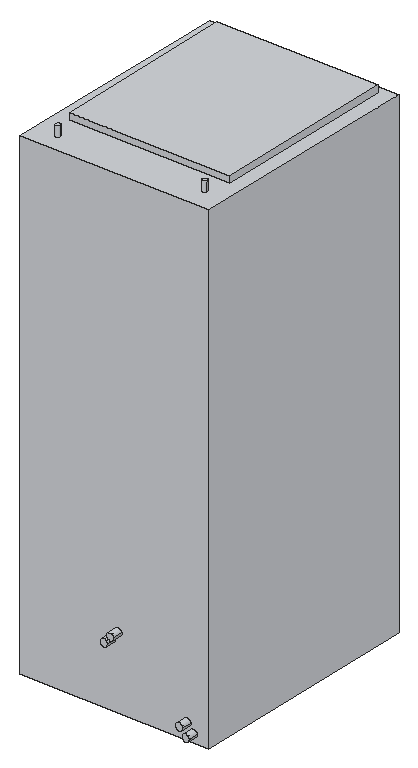
Revit family "M-Blower Coil Unit_Magicaire DUC Series", category Mechanical Equipment, Revit 2018
Family settings
  Round Connector Dimension = Use Diameter
  Part Type = Normal
  OmniClass Number = 23.75.00.00
  OmniClass Title = Climate Control (HVAC)
  Work Plane-Based = No
  Always vertical = Yes
  Cut with Voids When Loaded = No
  Shared = No
  Room Calculation Point = No
Parameters (values of type "DUC12")
  Weight = "190"
  Voltage [instance] = 208 V
  V-PH = "208-1"
  Specification - UFGS Number [instance] = ""
  Specification - Spec Link Number [instance] = "23 82 00"  # constant formula
  Specification - Master Spec Number [instance] = ""
  Service [instance] = ""
  Phase [instance] = 1
  Overall Width [instance] = 1' - 8"
  Overall Length [instance] = 2' - 1"
  Overall Height = 4' - 3 3/4"
  Notes [instance] = ""
  Manufacturer Series Number = "DUC"  # constant formula
  Manufacturer Model Number = "DUC12"
  MOP = "15"
  MCA = "2.8"
  Location [instance] = ""
  K (Duct Collar Offset) = 0' - 4 161/256"
  HW Coil - WPD = "0.5"
  HW Coil - Pipe In = "1/2"
  HW Coil - MBH = 28.0 Btu/h
  HW Coil - LAT = "98"
  HW Coil - GPM = 1.5 GPM
  HW Coil - EAT = "70"
  Frequency [instance] = 60 Hz
  Filter Size = "1"
  Design Supply Fan Horsepower [instance] = 372.85 VA
  Design Supply External Static Pressure [instance] = 0.50 in-wg
  Design Supply Air Flow [instance] = 1040 CFM
  Design Minimum Supply Airflow [instance] = 0 CFM
  Design Minimum Circuit Amps (MCA) = 2.8 A
  Design Maximum Weight [instance] = 145.00 lbf
  Design Maximum Supply Airflow [instance] = 1040 CFM
  Design Maximum Overcurrent Protection (MOCP) = 15 A
  Design Heating Water Pressure Drop [instance] = 0.217 psi
  Design Heating Water Flow [instance] = 1.5 GPM
  Design Heating Total Capacity [instance] = 23000.0 Btu/h
  Design Heating Leaving Water Temperature [instance] = 109 °F
  Design Heating Leaving Air DB Temperature [instance] = 91 °F
  Design Heating Entering Water Temperature [instance] = 140 °F
  Design Heating Entering Air DB Temperature [instance] = 70 °F
  Design Heating Airflow [instance] = 0 CFM
  Design Cooling Water Pressure Drop [instance] = 0.302 psi
  Design Cooling Water Flow [instance] = 3 GPM
  Design Cooling Total Capacity [instance] = 22000.0 Btu/h
  Design Cooling Sensible Capacity [instance] = 17500.0 Btu/h
  Design Cooling Leaving Water Temperature [instance] = 56 °F
  Design Cooling Leaving Air WB Temperature [instance] = 56 °F
  Design Cooling Leaving Air DB Temperature [instance] = 59 °F
  Design Cooling Entering Water Temperature [instance] = 42 °F
  Design Cooling Entering Air WB Temperature [instance] = 63 °F
  Design Cooling Entering Air DB Temperature [instance] = 75 °F
  Design Cooling Airflow [instance] = 0 CFM
  Connection Heating Inlet Pipe Diameter [instance] = 0"
  Connection Cooling Inlet Pipe Diameter [instance] = 0"
  CHW Coil - WPD = "0.7"
  CHW Coil - Total MBH = 21.0 Btu/h
  Supply Fan - HP = "1/2"
  Supply Fan - CFM = 1040 CFM
  Service_old = "VARIES"
  CHW Coil - Sensible MBH = 17.0 Btu/h
  Prime Cond Drain [instance] = yes
  N (BTM Return Width) = 1' - 4 79/256"
  Model = "DUC-10"
  Manufacturer = "MAGICAIRE"  # constant formula
  M (BTM Return Length) = 1' - 10 1/4"
  H (Supply Length) = 1' - 7 1/2"
  F (Supply Width) = 1' - 5"
  Supply Fan - Ext Static Pressure = 0.50 in-wg
  Elect = [A (Unit Width)] / 2  # 0' - 10"
  E Side = 0' - 8 3/4"
  E (Section Above Door) = 0' - 10 1/4"
  CHW Coil - Pipe In = "3/4"
  CHW Coil - LAT = "58/55"
  CHW Coil - EAT = "75/63"
  CHW Coil - GPM = 3 GPM
  CD 2 = 0' - 1.98698"
  CD 1 = 0' - 1.30599"
  D (TO Access Door) = 3' - 4 3/4"
  Circuit Breaker (Elec Heat Only) [instance] = no
  CHWS = 0' - 0.04281"
  CHWR = 0' - 0.0262"
  C+ (Supply above Unit Height) = ([C (Unit Height)] + 0' 1")  # 4' - 4"
  C (Unit Height) = 4' - 3"
  B (Unit Depth) = 2' - 1"
  A (Unit Width) = 1' - 8"
  2rw_Type [instance] = "12"
  2rw_Instance [instance] = ""
  2rw_Abbrv [instance] = "BC"  # constant formula
  2rw Mark = "BC-10-Room NO."
  2nd Cond Drain [instance] = not(Prime Cond Drain)  # no
Types (7): name | Weight | Overall Width | Overall Length | Overall Height | Manufacturer Model Number | MOP | MCA | HW Coil - WPD | HW Coil - Pipe In | HW Coil - MBH | HW Coil - LAT | HW Coil - GPM | Design Supply Fan Horsepower | Design Supply Air Flow | Design Minimum Circuit Amps (MCA) | Design Maximum Weight | Design Maximum Supply Airflow | Design Heating Water Pressure Drop | Design Heating Water Flow | Design Heating Total Capacity | Design Heating Leaving Water Temperature | Design Heating Leaving Air DB Temperature | Design Heating Entering Water Temperature | Design Cooling Water Pressure Drop | Design Cooling Water Flow | Design Cooling Total Capacity | Design Cooling Sensible Capacity | Design Cooling Leaving Water Temperature | Design Cooling Leaving Air WB Temperature | Design Cooling Leaving Air DB Temperature | CHW Coil - WPD | CHW Coil - Total MBH | Supply Fan - HP | Supply Fan - CFM | Service_old | CHW Coil - Sensible MBH | N (BTM Return Width) | Model | M (BTM Return Length) | H (Supply Length) | F (Supply Width) | Elect | E (Section Above Door) | CHW Coil - Pipe In | CHW Coil - LAT | CHW Coil - GPM | D (TO Access Door) | C+ (Supply above Unit Height) | C (Unit Height) | B (Unit Depth) | A (Unit Width) | 2rw_Type | 2rw Mark
  DUC06 | "180" | 1' - 5 1/2" | 1' - 10" | 3' - 10 3/4" | "DUC06" | "15" | "1.6" | "0.4" | "1/2" | 19.0 Btu/h | "103" | 1 GPM | 246.08 VA | 560 CFM | 1.6 A | 160.00 lbf | 560 CFM | 0.173 psi | 1 GPM | 15000.0 Btu/h | -459.67 °F | 95 °F | -459.67 °F | 0.432 psi | 1.5 GPM | 12000.0 Btu/h | 9670.0 Btu/h | 58 °F | 56 °F | 59 °F | "1" | 12.0 Btu/h | "70" | 560 CFM | "VERIES" | 10.0 Btu/h | 1' - 2 79/256" | "DUC-06" | 1' - 6 1/4" | 1' - 4 1/2" | 1' - 3" | 0' - 8 3/4" | 0' - 10 1/4" | "1/2" | "59/55" | 1.5 GPM | 2' - 11 3/4" | 3' - 11" | 3' - 10" | 1' - 10" | 1' - 5 1/2" | "06" | "BC-06/08-Room No."
  DUC10 | "190" | 1' - 8" | 2' - 1" | 4' - 3 3/4" | "DUC10" | "15" | "2.8" | "0.4" | "1/2" | 28.0 Btu/h | "98" | 1.5 GPM | 372.85 VA | 940 CFM | 2.8 A | 170.00 lbf | 940 CFM | 0.185 psi | 1.4 GPM | 22000.0 Btu/h | 109 °F | 92 °F | 140 °F | 0.303 psi | 3 GPM | 21000.0 Btu/h | 17000.0 Btu/h | 56 °F | 55 °F | 58 °F | "0.7" | 21.0 Btu/h | "1/2" | 940 CFM | "VARIES" | 17.0 Btu/h | 1' - 4 79/256" | "DUC-10" | 1' - 10 1/4" | 1' - 7 1/2" | 1' - 5" | 0' - 10" | 0' - 10 1/4" | "3/4" | "58/55" | 3 GPM | 3' - 4 3/4" | 4' - 4" | 4' - 3" | 2' - 1" | 1' - 8" | "10" | "BC-10-Room NO."
  DUC14 | "200" | 1' - 10" | 2' - 3" | 4' - 7 3/4" | "DUC14" | "15" | "4.5" | "0.6" | "3/4" | 47.0 Btu/h | "108" | 2.5 GPM | 559.27 VA | 1160 CFM | 4.5 A | 183.00 lbf | 1160 CFM | 0.26 psi | 2.5 GPM | 36000.0 Btu/h | 110 °F | 100 °F | 140 °F | 0.325 psi | 4 GPM | 24000.0 Btu/h | 20000.0 Btu/h | 55 °F | 56 °F | 59 °F | "0.75" | 24.0 Btu/h | "3/4" | 1160 CFM | "" | 20.0 Btu/h | 1' - 6 79/256" | 0' - 0" | 1' - 11 1/4" | 1' - 9 1/2" | 1' - 7" | 0' - 11" | 0' - 11 1/4" | "1" | "59/56" | 3.75 GPM | 3' - 7 3/4" | 4' - 8" | 4' - 7" | 2' - 3" | 1' - 10" | "14" | ""
  DUC20 | "240" | 2' - 7" | 2' - 0" | 4' - 9 3/4" | "DUC20" | "20" | "4.5" | "0.8" | "1" | 64.0 Btu/h | "107" | 3 GPM | 745.7 VA | 1650 CFM | 4.5 A | 220.00 lbf | 1650 CFM | 0.347 psi | 3 GPM | 50000.0 Btu/h | 110 °F | 100 °F | 140 °F | 0.477 psi | 4.5 GPM | 32000.0 Btu/h | 27000.0 Btu/h | 56 °F | 56 °F | 60 °F | "1.1" | 32.0 Btu/h | "1" | 1650 CFM | "" | 27.0 Btu/h | 1' - 6 79/256" | 0' - 0" | 2' - 4 1/4" | 2' - 1 1/2" | 1' - 9" | 1' - 0" | 0' - 11 1/4" | "1" | "59/56" | 4.5 GPM | 3' - 9 3/4" | 4' - 10" | 4' - 9" | 2' - 7" | 2' - 0" | "20" | ""
  DUC08 | "180" | 1' - 5 1/2" | 1' - 10" | 3' - 10 3/4" | "DUC08" | "15" | "1.6" | "0.4" | "1/2" | 19.0 Btu/h | "103" | 1 GPM | 246.08 VA | 560 CFM | 1.6 A | 160.00 lbf | 560 CFM | 0.173 psi | 1 GPM | 15000.0 Btu/h | 110 °F | 95 °F | 140 °F | 0.434 psi | 1.5 GPM | 12000.0 Btu/h | 9670.0 Btu/h | 58 °F | 56 °F | 59 °F | "1" | 12.0 Btu/h | "70" | 560 CFM | "VERIES" | 10.0 Btu/h | 1' - 2 79/256" | "DUC-06" | 1' - 6 1/4" | 1' - 4 1/2" | 1' - 3" | 0' - 8 3/4" | 0' - 10 1/4" | "1/2" | "59/55" | 1.5 GPM | 2' - 11 3/4" | 3' - 11" | 3' - 10" | 1' - 10" | 1' - 5 1/2" | "08" | "BC-06/08-Room No."
  DUC12 | "190" | 1' - 8" | 2' - 1" | 4' - 3 3/4" | "DUC12" | "15" | "2.8" | "0.5" | "1/2" | 28.0 Btu/h | "98" | 1.5 GPM | 372.85 VA | 1040 CFM | 2.8 A | 145.00 lbf | 1040 CFM | 0.217 psi | 1.5 GPM | 23000.0 Btu/h | 109 °F | 91 °F | 140 °F | 0.302 psi | 3 GPM | 22000.0 Btu/h | 17500.0 Btu/h | 56 °F | 56 °F | 59 °F | "0.7" | 21.0 Btu/h | "1/2" | 1040 CFM | "VARIES" | 17.0 Btu/h | 1' - 4 79/256" | "DUC-10" | 1' - 10 1/4" | 1' - 7 1/2" | 1' - 5" | 0' - 10" | 0' - 10 1/4" | "3/4" | "58/55" | 3 GPM | 3' - 4 3/4" | 4' - 4" | 4' - 3" | 2' - 1" | 1' - 8" | "12" | "BC-10-Room NO."
  DUC16 | "200" | 2' - 3" | 1' - 10" | 4' - 7 3/4" | "DUC16" | "15" | "4.5" | "0.7" | "3/4" | 47.0 Btu/h | "108" | 2.5 GPM | 559.27 VA | 1320 CFM | 4.5 A | 188.00 lbf | 1320 CFM | 0.303 psi | 2.5 GPM | 40000.0 Btu/h | 110 °F | 100 °F | 140 °F | 0.303 psi | 4 GPM | 24000.0 Btu/h | 21000.0 Btu/h | 55 °F | 57 °F | 90 °F | "0.7" | 24.0 Btu/h | "3/4" | 1320 CFM | "" | 20.0 Btu/h | 1' - 6 79/256" | 0' - 0" | 1' - 11 1/4" | 1' - 9 1/2" | 1' - 7" | 0' - 11" | 0' - 11 1/4" | "1" | "59/56" | 3.75 GPM | 3' - 7 3/4" | 4' - 8" | 4' - 7" | 2' - 3" | 1' - 10" | "16" | ""
Reference planes (in)
  plane 1 "Center (Front/Back)": y = 0
  plane 2 "BOunit": z = 0
  plane 3 "Center (Left/Right)": x = 0
  plane 4 "Front": y = -11
  plane 5 "Back": y = 14
  plane 6 "Right Side": x = 10
  plane 7 "Left Side": x = -10
  plane 8 "TOunit": z = 46
  plane 9: z = 35.75
  plane 10 "BTM Access Door": z = 16
  plane 11 "Supply": z = 52
Forms (in)
  Extrusion 1, solid
    sketch origin (0, 0, 0) x (1, 0, 0) y (0, 1, 0)
      loop
        line (-10, 14) -> (-10, -11) -> (10, -11) -> (10, 14) -> (-10, 14)
    from 0 to 51
  Extrusion 2, solid, visible <- "Circuit Breaker (Elec Heat Only)"
    sketch origin (0, 0, 0) x (1, 0, 0) y (0, 0, 1)
      loop
        line (-0.75, 41.87363) -> (-0.75, 40.37363) -> (0.75, 40.37363) -> (0.75, 41.87363) -> (-0.75, 41.87363)
    from 11 to 11.25
  Extrusion 3, solid
    sketch origin (0, 0, 0) x (1, 0, 0) y (0, 0, 1)
      loop
        circle (0.3488, 7.64352) r 0.375
      loop
        circle (-0.33219, 6.82176) r 0.375
    from 11 to 12
  Extrusion 4, void
    sketch origin (0, 4.245, 0.93359) x (0, 1, 0) y (0, 0, 1)
      loop
        line (-7.37, 16.5) -> (-7.37, 0.19141) -> (14.88, 0.19141) -> (14.88, 16.5) -> (-7.37, 16.5)
    from -8.75 to 8.75
  Extrusion 5, solid
    sketch origin (6.25, 13.25, 0) x (1, 0, 0) y (0, 1, 0)
      loop
        line (2.25, -0.12109) -> (-14.75, -0.12109) -> (-14.75, -19.62109) -> (2.25, -19.62109) -> (2.25, -0.12109)
    from 51 <- "C (Unit Height)" to 51.75
  Extrusion 6, solid
    sketch origin (1, 0, 0) x (1, 0, 0) y (0, 1, 0)
      loop
        circle (-8.64305, -8.93577) r 0.25
      loop
        circle (6.60695, -8.62327) r 0.25
    from 51 <- "C (Unit Height)" to 52 <- "C+ (Supply above Unit Height)"
  Extrusion 7, void
    sketch origin (0, -1.88, 0) x (1, 0, 0) y (0, 1, 0)
      loop
        line (-8.75, 13.13) -> (-8.75, -6.37) -> (7.55859, -6.37) -> (7.55859, 13.13) -> (-8.75, 13.13)
    from 0 to 1.125
  Extrusion 8, solid, visible <- "2nd Cond Drain"
    sketch origin (-0.25, 0, 0) x (1, 0, 0) y (0, 0, 1)
      loop
        circle (-7.38802, 1.64352) r 0.375
      loop
        circle (-8.06901, 0.82176) r 0.375
    from 11 to 12
  Extrusion 9, solid, visible <- "Prime Cond Drain"
    sketch origin (0.25, 0, 0) x (1, 0, 0) y (0, 0, 1)
      loop
        circle (7.38802, 1.64352) r 0.375
      loop
        circle (8.06901, 0.82176) r 0.375
    from 11 to 12
  Extrusion 10, solid, not visible
    sketch origin (-10, 0, 0) x (0, 1, 0) y (0, 0, 1)
      loop
        circle (-8.18231, 27.24138) r 0.25
      loop
        circle (-8.18231, 26.24138) r 0.25
    from 0 to 17.5
Lines and regions (in)
  model lines, style "MECH Detail"
    curve 1: line (-10, 14, 16) -> (10, 14, 16)
    curve 2: line (-10, -11, 16) -> (-10, 14, 16)
    curve 3: line (10, -11, 16) -> (-10, -11, 16)
    curve 4: line (10, 14, 16) -> (10, -11, 16)
    curve 5: line (-10, 14, 35.75) -> (10, 14, 35.75)
    curve 6: line (-10, -11, 35.75) -> (-10, 14, 35.75)
    curve 7: line (10, -11, 35.75) -> (-10, -11, 35.75)
    curve 8: line (10, 14, 35.75) -> (10, -11, 35.75)
    curve 9: arc (10, -7.93231, 27.24138) -> (10, -8.18231, 27.49138) -> (10, -8.43231, 27.24138) r 0.25
    curve 10: arc (10, -8.43231, 27.24138) -> (10, -8.18231, 26.99138) -> (10, -7.93231, 27.24138) r 0.25
    curve 11: arc (10, -8.43231, 26.24138) -> (10, -8.18231, 25.99138) -> (10, -7.93231, 26.24138) r 0.25
    curve 12: arc (10, -7.93231, 26.24138) -> (10, -8.18231, 26.49138) -> (10, -8.43231, 26.24138) r 0.25
    curve 13: arc (-10, -8.43231, 27.24138) -> (-10, -8.18231, 26.99138) -> (-10, -7.93231, 27.24138) r 0.25
    curve 14: arc (-10, -7.93231, 27.24138) -> (-10, -8.18231, 27.49138) -> (-10, -8.43231, 27.24138) r 0.25
    curve 15: arc (-10, -8.43231, 26.24138) -> (-10, -8.18231, 25.99138) -> (-10, -7.93231, 26.24138) r 0.25
    curve 16: arc (-10, -7.93231, 26.24138) -> (-10, -8.18231, 26.49138) -> (-10, -8.43231, 26.24138) r 0.25
    curve 17: line (5.84418, -11, 37.82836) -> (8.84418, -11, 37.82836)
    curve 18: line (5.84418, -11, 36.57836) -> (5.84418, -11, 37.82836)
    curve 19: line (8.84418, -11, 36.57836) -> (5.84418, -11, 36.57836)
    curve 20: line (8.84418, -11, 37.82836) -> (8.84418, -11, 36.57836)
Dimensions and locks (in)
  "B (Unit Depth)": plane 5 "Back" to plane 4 "Front"
  "H (Supply Length)": Extrusion 5 to Extrusion 5
  "A (Unit Width)": plane 6 "Right Side" to plane 7 "Left Side"
  "F (Supply Width)": Extrusion 5 to Extrusion 5
  "N (BTM Return Width)": Extrusion 7 to Extrusion 7
  "N (BTM Return Width)": Extrusion 4 to Extrusion 4
  "M (BTM Return Length)": Extrusion 4 to Extrusion 4
  "C (Unit Height)": Extrusion 1 to plane 2 "BOunit"
  "CD 1": Extrusion 1 to Extrusion 8
  "CD 2": Extrusion 1 to Extrusion 8
  "CD 2": Extrusion 1 to Extrusion 9
  "CD 1": Extrusion 1 to Extrusion 9
  "CHWS": Extrusion 3 to plane 3 "Center (Left/Right)"
  "CHWR": plane 3 "Center (Left/Right)" to Extrusion 3
  locked: plane 2 "BOunit" to Extrusion 4 at 1.125
  "C+ (Supply above Unit Height)": plane 11 "Supply" to level
  locked: plane 11 "Supply" to Extrusion 5 at 0.25
  equal spacing: plane 7 "Left Side", plane 3 "Center (Left/Right)", plane 6 "Right Side"
  equal spacing: Extrusion 5 sketch curve, plane 3 "Center (Left/Right)", Extrusion 5 sketch curve
  "K (Duct Collar Offset)": Extrusion 5 to plane 4 "Front"
  aligned and locked: level to plane 2 "BOunit"
  aligned and locked: curve 13 to curve 10
  aligned and locked: curve 14 to curve 9
  aligned and locked: curve 15 to curve 11
  aligned and locked: curve 16 to curve 12
  aligned and locked: Extrusion 10 sketch curve to curve 14
  aligned and locked: Extrusion 10 sketch curve to curve 13
  aligned and locked: Extrusion 10 sketch curve to curve 16
  aligned and locked: Extrusion 10 sketch curve to curve 15
Automatic sketch dimensions
  plane 4 "Front" to Extrusion 1 sketch curve = 0' - 0"
  Extrusion 1 sketch curve to plane 7 "Left Side" = 0' - 0"
  Extrusion 1 sketch curve to plane 6 "Right Side" = 0' - 0"
  plane 5 "Back" to Extrusion 1 sketch curve = 0' - 0"
  plane 5 "Back" to curve 1 = 0' - 0"
  plane 4 "Front" to curve 3 = 0' - 0"
  curve 3 to plane 7 "Left Side" = 0' - 0"
  curve 3 to plane 6 "Right Side" = 0' - 0"
  plane 5 "Back" to curve 5 = 0' - 0"
  plane 4 "Front" to curve 7 = 0' - 0"
  curve 7 to plane 7 "Left Side" = 0' - 0"
  curve 7 to plane 6 "Right Side" = 0' - 0"
  Extrusion 2 sketch curve to plane 3 "Center (Left/Right)" = 0' - 0 3/4"
  plane 3 "Center (Left/Right)" to Extrusion 2 sketch curve = 0' - 0 3/4"
  plane 9 to Extrusion 2 sketch curve = 0' - 4.62363"
  Extrusion 2 sketch curve to Extrusion 2 sketch curve = 0' - 1 1/2"
  Extrusion 3 sketch curve to plane 3 "Center (Left/Right)" = 0' - 0.33219"
  plane 3 "Center (Left/Right)" to Extrusion 3 sketch curve = 0' - 0.3488"
  level to Extrusion 3 sketch curve = 0' - 6.82176"
  Extrusion 3 sketch curve to Extrusion 3 sketch curve = 0' - 0.82176"
  level to Extrusion 4 sketch curve = 0' - 1 1/8"
  Extrusion 4 sketch curve to plane 4 "Front" = 0' - 7 7/8"
  Extrusion 4 sketch curve to plane 5 "Back" = 0' - 5 1/8"
  plane 10 "BTM Access Door" to Extrusion 4 sketch curve = 0' - 1 111/256"
  Extrusion 5 sketch curve to plane 4 "Front" = 0' - 4 161/256"
  plane 5 "Back" to Extrusion 5 sketch curve = 0' - 0 223/256"
  plane 7 "Left Side" to Extrusion 6 sketch curve = 0' - 2.35695"
  Extrusion 6 sketch curve to plane 6 "Right Side" = 0' - 2.39305"
  Extrusion 6 sketch curve to plane 4 "Front" = 0' - 2.06423"
  Extrusion 6 sketch curve to plane 4 "Front" = 0' - 2.37673"
  plane 7 "Left Side" to Extrusion 7 sketch curve = 0' - 1 1/4"
  Extrusion 7 sketch curve to plane 6 "Right Side" = 0' - 2 113/256"
  Extrusion 7 sketch curve to plane 4 "Front" = 0' - 2 3/4"
  plane 5 "Back" to Extrusion 7 sketch curve = 0' - 2 3/4"
  Extrusion 8 sketch curve to Extrusion 8 sketch curve = 0' - 0"  (x4)
  level to Extrusion 8 sketch curve = 0' - 0.82176"
  plane 7 "Left Side" to Extrusion 8 sketch curve = 0' - 1.68099"
  Extrusion 8 sketch curve to Extrusion 8 sketch curve = 0' - 0.68099"
  Extrusion 8 sketch curve to Extrusion 8 sketch curve = 0' - 0.82176"
  Extrusion 8 sketch curve to Extrusion 8 sketch curve = 0' - 0 3/8"  (x2)
  Extrusion 9 sketch curve to Extrusion 9 sketch curve = 0' - 0"  (x4)
  Extrusion 9 sketch curve to plane 6 "Right Side" = 0' - 2.36198"
  Extrusion 9 sketch curve to Extrusion 9 sketch curve = 0' - 0.68099"
  level to Extrusion 9 sketch curve = 0' - 0.82176"
  Extrusion 9 sketch curve to Extrusion 9 sketch curve = 0' - 0.82176"
  Extrusion 9 sketch curve to Extrusion 9 sketch curve = 0' - 0 3/8"  (x2)
  plane 9 to curve 19 = 0' - 0.82836"
  curve 19 to plane 6 "Right Side" = 0' - 4.15582"
  curve 19 to plane 6 "Right Side" = 0' - 1.15582"
  curve 18 to curve 18 = 0' - 1 1/4"
  plane 7 "Left Side" to Extrusion 5 sketch curve = 0' - 1 1/2"
  radius of Extrusion 3 sketch curve = 0' - 0 3/8"  (x2)
  radius of Extrusion 6 sketch curve = 0' - 0 1/4"  (x2)
Connectors (in)
  electrical at (0, -11.25, 41.12363)
    settings: on Extrusion 2, index 1, voltage 0 V, apparent load 0 VA, apparent load phase1 0 VA, apparent load phase2 0 VA, apparent load phase3 0 VA, power factor 1, load classification "Other", number of poles 1, system type 13, power factor state 1, is connector primary yes, connector utility no, sub classification motor no, connector description ""
  hvac at (0, 3.37891, 51.75)
    settings: on Extrusion 5, index 2, duct flow 0 CFM, flow factor 0, pres drop 0.00 in-wg, loss coef 0, conn angle 0.00°, conn width 15", conn height 16 1/2", conn diameter 24", duct sys type 1, conn prof type 1, flow config 0, flow direction 2, loss method 0, conn ref index -1, conn util no, is conn primary yes, conn desc ""
  hvac at (-0.5957, 1.5, 0)
    settings: on Extrusion 7, index 3, duct flow 0 CFM, flow factor 0, pres drop 0.00 in-wg, loss coef 0, conn angle 0.00°, conn width 15", conn height 16 1/2", conn diameter 24", duct sys type 2, conn prof type 1, flow config 0, flow direction 1, loss method 0, conn ref index -1, conn util no, is conn primary no, conn desc ""
  hvac at (-8.75, 8, 9.2793)
    settings: on Extrusion 4, index 4, duct flow 0 CFM, flow factor 0, pres drop 0.00 in-wg, loss coef 0, conn angle 0.00°, conn width 18 1/4", conn height 14 79/256", conn diameter 24", duct sys type 2, conn prof type 1, flow config 0, flow direction 1, loss method 0, conn ref index -1, conn util no, is conn primary no, conn desc ""
  hvac at (8.75, 8, 9.2793)
    settings: on Extrusion 4, index 5, duct flow 0 CFM, flow factor 0, pres drop 0.00 in-wg, loss coef 0, conn angle 0.00°, conn width 18 1/4", conn height 14 79/256", conn diameter 24", duct sys type 2, conn prof type 1, flow config 0, flow direction 1, loss method 0, conn ref index -1, conn util no, is conn primary no, conn desc ""
  piping at (-7.64305, -8.93577, 52), diameter 0.75
    settings: on Extrusion 6, index 6, connector inside diameter 24", connector length 0' - 0", flow factor 0, pipe flow 0 GPM, pressure drop 0.00 psi, fitting loss kfactor 0, connector angle 0.00°, fixture units 0, engagement length 0' - 0", angle of deflection 0.00°, flow configuration 0, flow direction 1, fitting loss method 0, system type 8, joint type 0, gender type 0, connector reference index -1, connector utility 0, adjustable connector no, is connector primary yes, connector description ""
  piping at (7.60695, -8.62327, 52), diameter 0.75
    settings: on Extrusion 6, index 7, connector inside diameter 24", connector length 0' - 0", flow factor 0, pipe flow 0 GPM, pressure drop 0.00 psi, fitting loss kfactor 0, connector angle 0.00°, fixture units 0, engagement length 0' - 0", angle of deflection 0.00°, flow configuration 0, flow direction 2, fitting loss method 0, system type 7, joint type 0, gender type 0, connector reference index -1, connector utility 0, adjustable connector no, is connector primary no, connector description ""
  piping at (0.3488, -12, 7.64352), diameter 0.75
    settings: on Extrusion 3, index 8, connector inside diameter 24", connector length 0' - 0", flow factor 0, pipe flow 0 GPM, pressure drop 0.00 psi, fitting loss kfactor 0, connector angle 0.00°, fixture units 0, engagement length 0' - 0", angle of deflection 0.00°, flow configuration 0, flow direction 0, fitting loss method 0, system type 7, joint type 0, gender type 0, connector reference index -1, connector utility 0, adjustable connector no, is connector primary no, connector description ""
  piping at (-0.33219, -12, 6.82176), diameter 0.75
    settings: on Extrusion 3, index 9, connector inside diameter 24", connector length 0' - 0", flow factor 0, pipe flow 0 GPM, pressure drop 0.00 psi, fitting loss kfactor 0, connector angle 0.00°, fixture units 0, engagement length 0' - 0", angle of deflection 0.00°, flow configuration 0, flow direction 1, fitting loss method 0, system type 8, joint type 0, gender type 0, connector reference index -1, connector utility 0, adjustable connector no, is connector primary no, connector description ""
  piping at (0.3488, -12, 7.64352), diameter 0.75
    settings: on Extrusion 3, index 10, connector inside diameter 24", connector length 0' - 0", flow factor 0, pipe flow 0 GPM, pressure drop 0.00 psi, fitting loss kfactor 0, connector angle 0.00°, fixture units 0, engagement length 0' - 0", angle of deflection 0.00°, flow configuration 0, flow direction 2, fitting loss method 0, system type 16, joint type 0, gender type 0, connector reference index -1, connector utility 0, adjustable connector no, is connector primary no, connector description ""
  piping at (0.3488, -12, 7.64352), diameter 0.75
    settings: on Extrusion 3, index 11, connector inside diameter 24", connector length 0' - 0", flow factor 0, pipe flow 0 GPM, pressure drop 0.00 psi, fitting loss kfactor 0, connector angle 0.00°, fixture units 0, engagement length 0' - 0", angle of deflection 0.00°, flow configuration 0, flow direction 2, fitting loss method 0, system type 7, joint type 0, gender type 0, connector reference index -1, connector utility 0, adjustable connector no, is connector primary no, connector description ""
  piping at (-7.63802, -12, 1.64352), diameter 0.75
    settings: on Extrusion 8, index 14, connector inside diameter 24", connector length 0' - 0", flow factor 0, pipe flow 0 GPM, pressure drop 0.00 psi, fitting loss kfactor 0, connector angle 0.00°, fixture units 0, engagement length 0' - 0", angle of deflection 0.00°, flow configuration 0, flow direction 2, fitting loss method 0, system type 16, joint type 0, gender type 0, connector reference index -1, connector utility 0, adjustable connector no, is connector primary no, connector description ""
  piping at (-8.31901, -12, 0.82176), diameter 0.75
    settings: on Extrusion 8, index 15, connector inside diameter 24", connector length 0' - 0", flow factor 0, pipe flow 0 GPM, pressure drop 0.00 psi, fitting loss kfactor 0, connector angle 0.00°, fixture units 0, engagement length 0' - 0", angle of deflection 0.00°, flow configuration 0, flow direction 2, fitting loss method 0, system type 16, joint type 0, gender type 0, connector reference index -1, connector utility 0, adjustable connector no, is connector primary no, connector description ""
  piping at (7.63802, -12, 1.64352), diameter 0.75
    settings: on Extrusion 9, index 16, connector inside diameter 24", connector length 0' - 0", flow factor 0, pipe flow 0 GPM, pressure drop 0.00 psi, fitting loss kfactor 0, connector angle 0.00°, fixture units 0, engagement length 0' - 0", angle of deflection 0.00°, flow configuration 0, flow direction 2, fitting loss method 0, system type 16, joint type 0, gender type 0, connector reference index -1, connector utility 0, adjustable connector no, is connector primary no, connector description ""
  piping at (8.31901, -12, 0.82176), diameter 0.75
    settings: on Extrusion 9, index 17, connector inside diameter 24", connector length 0' - 0", flow factor 0, pipe flow 0 GPM, pressure drop 0.00 psi, fitting loss kfactor 0, connector angle 0.00°, fixture units 0, engagement length 0' - 0", angle of deflection 0.00°, flow configuration 0, flow direction 2, fitting loss method 0, system type 16, joint type 0, gender type 0, connector reference index -1, connector utility 0, adjustable connector no, is connector primary no, connector description ""
  electrical at (-10, -8.18231, 27.24138)
    settings: on Extrusion 10, index 18, voltage 0 V, apparent load 0 VA, apparent load phase1 0 VA, apparent load phase2 0 VA, apparent load phase3 0 VA, power factor 1, load classification "Other", number of poles 1, system type 31, power factor state 1, is connector primary no, connector utility no, sub classification motor no, connector description ""
  electrical at (-10, -8.18231, 26.24138)
    settings: on Extrusion 10, index 19, voltage 0 V, apparent load 0 VA, apparent load phase1 0 VA, apparent load phase2 0 VA, apparent load phase3 0 VA, power factor 1, load classification "Other", number of poles 1, system type 31, power factor state 1, is connector primary no, connector utility no, sub classification motor no, connector description ""
  electrical at (7.5, -8.18231, 27.24138)
    settings: on Extrusion 10, index 20, voltage 0 V, apparent load 0 VA, apparent load phase1 0 VA, apparent load phase2 0 VA, apparent load phase3 0 VA, power factor 1, load classification "Other", number of poles 1, system type 31, power factor state 1, is connector primary no, connector utility no, sub classification motor no, connector description ""
  electrical at (7.5, -8.18231, 26.24138)
    settings: on Extrusion 10, index 21, voltage 0 V, apparent load 0 VA, apparent load phase1 0 VA, apparent load phase2 0 VA, apparent load phase3 0 VA, power factor 1, load classification "Other", number of poles 1, system type 31, power factor state 1, is connector primary no, connector utility no, sub classification motor no, connector description ""
